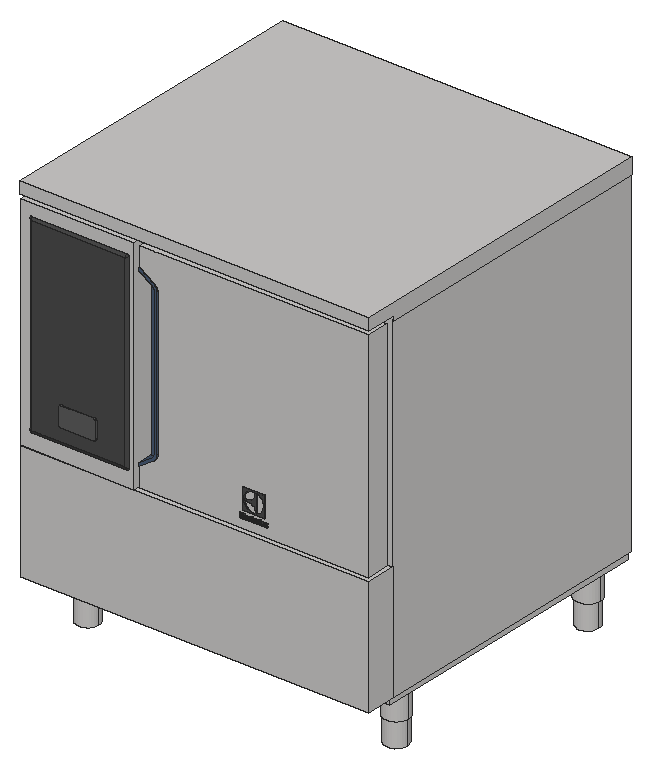
Revit family "QF_ELECTROLUXPROFESSIONAL_727731_EBFA61TQ", category Specialty Equipment, Revit 2018
Family settings
  Round Connector Dimension = Use Diameter
  Part Type = Normal
  Work Plane-Based = No
  Always vertical = Yes
  Cut with Voids When Loaded = No
  Shared = No
  Room Calculation Point = No
Parameters
  Weight = 0.00 kg
  Watts = 0 W
  Volts = 208 V
  URL Manufacturer = "http://professional.electrolux.com"
  URL = "http://professional.electrolux.com"
  Steam Supply Size = 0 mm
  Steam Supply Minimum Pressure = 0.0 Pa
  Steam Supply Maximum Pressure = 0.0 Pa
  Steam Pounds per Hour = 0
  Show Logo [instance] = yes
  Show Clearance [instance] = yes
  Refrigeration Suction Line Size = 0 mm
  Refrigeration Liquid Line Size = 0 mm
  Refrigerant Compressor Remote = yes
  Manufacturer = "Electrolux"
  Phase = 3
  Model = "EBFA61TQ"
  Length Actual = 897 mm  # constant formula
  Item Number = "727731"
  Hot Water Size = 0 mm
  Height Actual = 1060 mm  # constant formula
  HP = "4.3 HP"
  Gas Size = 0 mm
  Gas KW = 0
  Gas Input Pressure = 0 W
  Direct Waste Size = 0 mm
  Description = "BLAST C/F 30/25KG 6GN1/1-208V-TOP-US-USB"
  Depth Actual = 937 mm  # constant formula
  Cycle = 60 Hz
  Condensate Return Size = 0 mm
  Compressed Air Volume = 0.0 L/s
  Compressed Air Size = 0 mm
  Compressed Air Pressure = 0.0 Pa
  Cold Water Size = 0 mm
  Accessory = yes
Reference planes
  plane 1 "Center X": y = 126.851
  plane 2: z = 0
  plane 3 "Center Y": x = -311.5
  plane 4 "LEFT": x = -760
  plane 5 "BACK": y = 548.851
  plane 6 "RIGHT": x = 137
  plane 7 "FRONT": y = -295.149
  plane 8: z = 130
  plane 9 "TOP": z = 1060.038
  plane 10: x = -708
  plane 11: y = 473.851
  plane 12: x = 85
  plane 13: y = -142.149
  plane 14: z = 1020.038
  plane 15: y = 641.851
  plane 16: y = -847.149
Forms (mm)
  Extrusion 1, solid, material "QF_Finishes_Stainless Steel"
    sketch origin (0, 0, 1060.038) x (-1, 0, 0) y (0, -1, 0)
      loop
        line (759, -548.851) -> (759, 216.149) -> (-136, 216.149) -> (-136, -548.851) -> (759, -548.851)
    from -40 to -910.018
  Extrusion 2, solid, material "QF_Finishes_Stainless Steel"
    sketch origin (0, -295.149, 0) x (-1, 0, 0) y (0, 0, 1)
      loop
        line (451.2, 1020.033) -> (-135.995, 1020.033) -> (-135.995, 462.497) -> (451.2, 462.497) -> (451.2, 513.683) -> (415.41, 537.406)
        arc (415.41, 537.406) -> (408.839, 544.616) -> (406.46, 554.076) r 20
        line (406.46, 554.076) -> (406.46, 928.989)
        arc (406.46, 928.989) -> (408.716, 937.969) -> (414.947, 944.816) r 19
        line (414.947, 944.816) -> (451.2, 968.898) -> (451.2, 1020.033)
    from 0 to 60
  Extrusion 3, void
    sketch origin (-759, -216.149, 1060.038) x (-1, 0, 0) y (0, 0, 1)
      loop
        line (-370.8, -100) -> (-826.8, -100) -> (-826.8, -491.98) -> (-370.8, -491.98) -> (-370.8, -100)
    from 0 to 703
  Extrusion 4, solid, material "QF_Finishes_Stainless Steel"
    sketch origin (-760, -0.954, 0) x (0, 1, 0) y (0, 0, 1)
      loop
        line (549.805, 694.306) -> (549.805, 392.314) -> (635.5, 399.789)
        arc (635.5, 399.789) -> (640.702, 402.354) -> (642.805, 407.759) r 8
        line (642.805, 407.759) -> (642.805, 433.233)
        arc (642.805, 433.233) -> (638.783, 442.547) -> (642.805, 451.86) r 12.795
        line (642.805, 451.86) -> (642.805, 483.24)
        arc (642.805, 483.24) -> (638.783, 492.554) -> (642.805, 501.867) r 12.795
        line (642.805, 501.867) -> (642.805, 533.247)
        arc (642.805, 533.247) -> (638.783, 542.56) -> (642.805, 551.874) r 12.795
        line (642.805, 551.874) -> (642.805, 583.254)
        arc (642.805, 583.254) -> (638.783, 592.567) -> (642.805, 601.881) r 12.795
        line (642.805, 601.881) -> (642.805, 634.796)
        arc (642.805, 634.796) -> (641.466, 639.795) -> (637.808, 643.455) r 10
        line (637.808, 643.455) -> (549.805, 694.306)
    from 123.244 to 306.92
  Extrusion 5, solid, material "QF_Finishes_Stainless Steel"
    sketch origin (-817.599, 548.851, 1060.038) x (1, 0, 0) y (0, 0, -1)
      loop
        circle (121.599, 802.038) r 10.5
    from 0 to 29
  Extrusion 6, solid, material "QF_Finishes_Stainless Steel"
    sketch origin (0, -235.149, 0) x (-1, 0, 0) y (0, 0, 1)
      loop
        arc (406.46, 554.076) -> (408.839, 544.616) -> (415.41, 537.406) r 20
        line (415.41, 537.406) -> (451.2, 513.683) -> (451.2, 968.898) -> (414.947, 944.816)
        arc (414.947, 944.816) -> (408.716, 937.969) -> (406.46, 928.989) r 19
        line (406.46, 928.989) -> (406.46, 554.076)
    from -21 to 0
  Extrusion 7, solid, material "QF_Finishes_Electrolux_Blue"
    sketch origin (0, -295.149, 0) x (1, 0, 0) y (0, 0, 1)
      loop
        line (-451.2, 968.898) -> (-453.7, 968.898) -> (-453.7, 962.755) -> (-418.543, 939.401)
        arc (-418.543, 939.401) -> (-414.444, 934.897) -> (-412.96, 928.989) r 12.5
        line (-412.96, 928.989) -> (-412.96, 554.076)
        arc (-412.96, 554.076) -> (-414.566, 547.691) -> (-419.001, 542.824) r 13.5
        line (-419.001, 542.824) -> (-453.7, 519.824) -> (-453.7, 513.683) -> (-451.2, 513.683) -> (-415.41, 537.406)
        arc (-415.41, 537.406) -> (-408.839, 544.616) -> (-406.46, 554.076) r 20
        line (-406.46, 554.076) -> (-406.46, 928.989)
        arc (-406.46, 928.989) -> (-408.716, 937.969) -> (-414.947, 944.816) r 19
        line (-414.947, 944.816) -> (-451.2, 968.898)
    from -39 to 1
  Extrusion 8, solid, material "QF_Finishes_Stainless Steel"
    sketch origin (0, 0, 1060.038) x (-1, 0, 0) y (0, -1, 0)
      loop
        line (759, 295.149) -> (467.2, 295.149) -> (467.2, 217.149) -> (759, 217.149) -> (759, 295.149)
    from -40 to -607
  Extrusion 9, solid, material "QF_Finishes_Stainless Steel"
    sketch origin (-1206.916, -1524, 130) x (-1, 0, 0) y (0, -1, 0)
      loop
        line (-447.916, -1228.851) -> (-1342.916, -1228.851) -> (-1342.916, -1306.851) -> (-447.916, -1306.851) -> (-447.916, -1228.851)
    from 322 to 20.02
  Extrusion 10, solid, material "QF_Finishes_Stainless Steel"
    sketch origin (-311.5, 0, 0) x (0, 1, 0) y (0, 0, 1)
      loop
        line (548.851, 1060.038) -> (-295.149, 1060.038) -> (-295.149, 1030.034) -> (-216.149, 1030.034) -> (-216.149, 1020.038) -> (548.851, 1020.038) -> (548.851, 1060.038)
    from -448.5 to 448.5
  Extrusion 11, solid, material "QF_Finishes_Stainless Steel"
    sketch origin (0, 0, 1060.038) x (-1, 0, 0) y (0, -1, 0)
      loop
        line (748.993, -548.851) -> (748.993, 214.216) -> (-125.993, 214.216) -> (-125.993, -548.851) -> (748.993, -548.851)
    from -910.018 to -930.038
  Extrusion 12, solid, material "QF_Finishes_Stainless Steel"
    sketch origin (0, 0, 130) x (0, -1, 0) y (-1, 0, 0)
      loop
        circle (-215.851, 360) r 9.5
    from 0 to 31.68
  Extrusion 13, void
    sketch origin (0, 0, 1060.038) x (-1, 0, 0) y (0, -1, 0)
      loop
        line (627.033, -641.851) -> (636.756, -641.851) -> (636.756, -548.851) -> (635.125, -548.851) -> (627.033, -641.851)
      loop
        line (454.711, -548.851) -> (453.08, -548.851) -> (453.08, -641.851) -> (462.803, -641.851) -> (454.711, -548.851)
    from -673 to -363
  Extrusion 14, solid, material "QF_Door-Drawer Clearances", visible <- "Show Clearance", detail levels coarse
    sketch origin (143, -393.449, 0) x (0, -1, 0) y (0, 0, 1)
      loop
        line (451.2, 1020.033) -> (-98.3, 1020.033) -> (-98.3, 462.497) -> (451.2, 462.497) -> (451.2, 513.683) -> (415.41, 537.406)
        arc (415.41, 537.406) -> (408.839, 544.616) -> (406.46, 554.076) r 20
        line (406.46, 554.076) -> (406.46, 928.989)
        arc (406.46, 928.989) -> (408.716, 937.969) -> (414.947, 944.816) r 19
        line (414.947, 944.816) -> (451.2, 968.898) -> (451.2, 1020.033)
    from 0 to 60
  Extrusion 15, solid, material "QF_Door-Drawer Clearances", visible <- "Show Clearance", detail levels coarse
    sketch origin (83, -393.449, 0) x (0, -1, 0) y (0, 0, 1)
      loop
        arc (406.46, 554.076) -> (408.839, 544.616) -> (415.41, 537.406) r 20
        line (415.41, 537.406) -> (451.2, 513.683) -> (451.2, 968.898) -> (414.947, 944.816)
        arc (414.947, 944.816) -> (408.716, 937.969) -> (406.46, 928.989) r 19
        line (406.46, 928.989) -> (406.46, 554.076)
    from -21 to 0
  Extrusion 16, solid, material "QF_Door-Drawer Clearances", visible <- "Show Clearance", detail levels coarse
    sketch origin (143, -393.449, 0) x (0, 1, 0) y (0, 0, 1)
      loop
        line (-451.2, 968.898) -> (-453.7, 968.898) -> (-453.7, 962.755) -> (-418.543, 939.401)
        arc (-418.543, 939.401) -> (-414.444, 934.897) -> (-412.96, 928.989) r 12.5
        line (-412.96, 928.989) -> (-412.96, 554.076)
        arc (-412.96, 554.076) -> (-414.566, 547.691) -> (-419.001, 542.824) r 13.5
        line (-419.001, 542.824) -> (-453.7, 519.824) -> (-453.7, 513.683) -> (-451.2, 513.683) -> (-415.41, 537.406)
        arc (-415.41, 537.406) -> (-408.839, 544.616) -> (-406.46, 554.076) r 20
        line (-406.46, 554.076) -> (-406.46, 928.989)
        arc (-406.46, 928.989) -> (-408.716, 937.969) -> (-414.947, 944.816) r 19
        line (-414.947, 944.816) -> (-451.2, 968.898)
    from -39 to 1
  Extrusion 17, solid, material "QF_Door-Drawer Clearances", visible <- "Show Clearance", detail levels coarse
    sketch origin (0, 0, 1060.038) x (-1, 0, 0) y (0, -1, 0)
      loop
        line (-83, 295.149) -> (451.2, 295.149)
        arc (451.2, 295.149) -> (290.883, 673.709) -> (-83, 844.649) r 567.425
        line (-83, 844.649) -> (-83, 295.149)
    from -597.541 to -40
Cuts and joins
  Extrusion 3 cuts Extrusion 1
  Extrusion 13 cuts Extrusion 4
  joined: Extrusion 1, Extrusion 4, Extrusion 5, Extrusion 10, Extrusion 11, Extrusion 12
  joined: Extrusion 2, Extrusion 6
  joined: Extrusion 14, Extrusion 15, Extrusion 16, Extrusion 17
Lines and regions (mm)
  Split face 1
    outline origin (-489, -295.149, 130) x (-1, 0, 0) y (0, 0, -1)
      loop
        line (-132.388, -290.639) -> (-22.373, -290.639) -> (-22.373, -285.612) -> (-132.388, -285.612) -> (-132.388, -290.639)
  Split face 2
    outline origin (-489, -295.149, 120.528) x (-1, 0, 0) y (0, 0, -1)
      loop
        line (-132.388, -290.639) -> (-22.373, -290.639) -> (-22.373, -285.612) -> (-132.388, -285.612) -> (-132.388, -290.639)
  Split face 3
    outline origin (-489, -295.149, 111.056) x (-1, 0, 0) y (0, 0, -1)
      loop
        line (-132.388, -290.639) -> (-22.373, -290.639) -> (-22.373, -285.612) -> (-132.388, -285.612) -> (-132.388, -290.639)
  Split face 4
    outline origin (-489, -295.149, 101.583) x (-1, 0, 0) y (0, 0, -1)
      loop
        line (-132.388, -290.639) -> (-22.373, -290.639) -> (-22.373, -285.612) -> (-132.388, -285.612) -> (-132.388, -290.639)
  Split face 5
    outline origin (-489, -295.149, 92.111) x (-1, 0, 0) y (0, 0, -1)
      loop
        line (-132.388, -290.639) -> (-22.373, -290.639) -> (-22.373, -285.612) -> (-132.388, -285.612) -> (-132.388, -290.639)
  Split face 6
    outline origin (-489, -295.149, 82.639) x (-1, 0, 0) y (0, 0, -1)
      loop
        line (-132.388, -290.639) -> (-22.373, -290.639) -> (-22.373, -285.612) -> (-132.388, -285.612) -> (-132.388, -290.639)
  Split face 7
    outline origin (-489, -295.149, 73.167) x (-1, 0, 0) y (0, 0, -1)
      loop
        line (-132.388, -290.639) -> (-22.373, -290.639) -> (-22.373, -285.612) -> (-132.388, -285.612) -> (-132.388, -290.639)
  Split face 8
    outline origin (-489, -295.149, 63.695) x (-1, 0, 0) y (0, 0, -1)
      loop
        line (-132.388, -290.639) -> (-22.373, -290.639) -> (-22.373, -285.612) -> (-132.388, -285.612) -> (-132.388, -290.639)
  Split face 9
    outline origin (-489, -295.149, 54.223) x (-1, 0, 0) y (0, 0, -1)
      loop
        line (-132.388, -290.639) -> (-22.373, -290.639) -> (-22.373, -285.612) -> (-132.388, -285.612) -> (-132.388, -290.639)
  Split face 10
    outline origin (-489, -295.149, 44.75) x (-1, 0, 0) y (0, 0, -1)
      loop
        line (-132.388, -290.639) -> (-22.373, -290.639) -> (-22.373, -285.612) -> (-132.388, -285.612) -> (-132.388, -290.639)
  Split face 11
    outline origin (-489, -295.149, 35.278) x (-1, 0, 0) y (0, 0, -1)
      loop
        line (-132.388, -290.639) -> (-22.373, -290.639) -> (-22.373, -285.612) -> (-132.388, -285.612) -> (-132.388, -290.639)
  Split face 12
    outline origin (-489, -295.149, 25.806) x (-1, 0, 0) y (0, 0, -1)
      loop
        line (-132.388, -290.639) -> (-22.373, -290.639) -> (-22.373, -285.612) -> (-132.388, -285.612) -> (-132.388, -290.639)
  Split face 13
    outline origin (-489, -295.149, 16.334) x (-1, 0, 0) y (0, 0, -1)
      loop
        line (-132.388, -290.639) -> (-22.373, -290.639) -> (-22.373, -285.612) -> (-132.388, -285.612) -> (-132.388, -290.639)
  Split face 14
    outline origin (-489, -295.149, 6.862) x (-1, 0, 0) y (0, 0, -1)
      loop
        line (-132.388, -290.639) -> (-22.373, -290.639) -> (-22.373, -285.612) -> (-132.388, -285.612) -> (-132.388, -290.639)
  Split face 15
    outline origin (-489, -295.149, -2.611) x (-1, 0, 0) y (0, 0, -1)
      loop
        line (-132.388, -290.639) -> (-22.373, -290.639) -> (-22.373, -285.612) -> (-132.388, -285.612) -> (-132.388, -290.639)
  Split face 16
    outline origin (-489, -295.149, -12.083) x (-1, 0, 0) y (0, 0, -1)
      loop
        line (-132.388, -290.639) -> (-22.373, -290.639) -> (-22.373, -285.612) -> (-132.388, -285.612) -> (-132.388, -290.639)
  Split face 17
    outline origin (-489, -295.149, -21.555) x (-1, 0, 0) y (0, 0, -1)
      loop
        line (-132.388, -290.639) -> (-22.373, -290.639) -> (-22.373, -285.612) -> (-132.388, -285.612) -> (-132.388, -290.639)
  Split face 18
    outline origin (-489, -295.149, -31.027) x (-1, 0, 0) y (0, 0, -1)
      loop
        line (-132.388, -290.639) -> (-22.373, -290.639) -> (-22.373, -285.612) -> (-132.388, -285.612) -> (-132.388, -290.639)
  Split face 19
    outline origin (-489, -295.149, -40.499) x (-1, 0, 0) y (0, 0, -1)
      loop
        line (-132.388, -290.639) -> (-22.373, -290.639) -> (-22.373, -285.612) -> (-132.388, -285.612) -> (-132.388, -290.639)
  Split face 20
    outline origin (-489, -295.149, -49.972) x (-1, 0, 0) y (0, 0, -1)
      loop
        line (-132.388, -290.639) -> (-22.373, -290.639) -> (-22.373, -285.612) -> (-132.388, -285.612) -> (-132.388, -290.639)
  Split face 21
    outline origin (-489, -295.149, -59.444) x (-1, 0, 0) y (0, 0, -1)
      loop
        line (-132.388, -290.639) -> (-22.373, -290.639) -> (-22.373, -285.612) -> (-132.388, -285.612) -> (-132.388, -290.639)
  Split face 22
    outline origin (-489, -295.149, -68.916) x (-1, 0, 0) y (0, 0, -1)
      loop
        line (-132.388, -290.639) -> (-22.373, -290.639) -> (-22.373, -285.612) -> (-132.388, -285.612) -> (-132.388, -290.639)
  Split face 23
    outline origin (-489, -295.149, -78.388) x (-1, 0, 0) y (0, 0, -1)
      loop
        line (-132.388, -290.639) -> (-22.373, -290.639) -> (-22.373, -285.612) -> (-132.388, -285.612) -> (-132.388, -290.639)
  Split face 24
    outline origin (-489, -295.149, -87.86) x (-1, 0, 0) y (0, 0, -1)
      loop
        line (-132.388, -290.639) -> (-22.373, -290.639) -> (-22.373, -285.612) -> (-132.388, -285.612) -> (-132.388, -290.639)
  Split face 25
    outline origin (-489, -295.149, -97.332) x (-1, 0, 0) y (0, 0, -1)
      loop
        line (-132.388, -290.639) -> (-22.373, -290.639) -> (-22.373, -285.612) -> (-132.388, -285.612) -> (-132.388, -290.639)
  Split face 26
    outline origin (-489, -295.149, -106.805) x (-1, 0, 0) y (0, 0, -1)
      loop
        line (-132.388, -290.639) -> (-22.373, -290.639) -> (-22.373, -285.612) -> (-132.388, -285.612) -> (-132.388, -290.639)
  Split face 27
    outline origin (-373.984, -295.149, 130) x (-1, 0, 0) y (0, 0, -1)
      loop
        line (-132.388, -290.639) -> (-22.373, -290.639) -> (-22.373, -285.612) -> (-132.388, -285.612) -> (-132.388, -290.639)
  Split face 28
    outline origin (-373.984, -295.149, 120.528) x (-1, 0, 0) y (0, 0, -1)
      loop
        line (-132.388, -290.639) -> (-22.373, -290.639) -> (-22.373, -285.612) -> (-132.388, -285.612) -> (-132.388, -290.639)
  Split face 29
    outline origin (-373.984, -295.149, 111.056) x (-1, 0, 0) y (0, 0, -1)
      loop
        line (-132.388, -290.639) -> (-22.373, -290.639) -> (-22.373, -285.612) -> (-132.388, -285.612) -> (-132.388, -290.639)
  Split face 30
    outline origin (-373.984, -295.149, 101.583) x (-1, 0, 0) y (0, 0, -1)
      loop
        line (-132.388, -290.639) -> (-22.373, -290.639) -> (-22.373, -285.612) -> (-132.388, -285.612) -> (-132.388, -290.639)
  Split face 31
    outline origin (-373.984, -295.149, 92.111) x (-1, 0, 0) y (0, 0, -1)
      loop
        line (-132.388, -290.639) -> (-22.373, -290.639) -> (-22.373, -285.612) -> (-132.388, -285.612) -> (-132.388, -290.639)
  Split face 32
    outline origin (-373.984, -295.149, 82.639) x (-1, 0, 0) y (0, 0, -1)
      loop
        line (-132.388, -290.639) -> (-22.373, -290.639) -> (-22.373, -285.612) -> (-132.388, -285.612) -> (-132.388, -290.639)
  Split face 33
    outline origin (-373.984, -295.149, 73.167) x (-1, 0, 0) y (0, 0, -1)
      loop
        line (-132.388, -290.639) -> (-22.373, -290.639) -> (-22.373, -285.612) -> (-132.388, -285.612) -> (-132.388, -290.639)
  Split face 34
    outline origin (-373.984, -295.149, 63.695) x (-1, 0, 0) y (0, 0, -1)
      loop
        line (-132.388, -290.639) -> (-22.373, -290.639) -> (-22.373, -285.612) -> (-132.388, -285.612) -> (-132.388, -290.639)
  Split face 35
    outline origin (-373.984, -295.149, 54.223) x (-1, 0, 0) y (0, 0, -1)
      loop
        line (-132.388, -290.639) -> (-22.373, -290.639) -> (-22.373, -285.612) -> (-132.388, -285.612) -> (-132.388, -290.639)
  Split face 36
    outline origin (-373.984, -295.149, 44.75) x (-1, 0, 0) y (0, 0, -1)
      loop
        line (-132.388, -290.639) -> (-22.373, -290.639) -> (-22.373, -285.612) -> (-132.388, -285.612) -> (-132.388, -290.639)
  Split face 37
    outline origin (-373.984, -295.149, 35.278) x (-1, 0, 0) y (0, 0, -1)
      loop
        line (-132.388, -290.639) -> (-22.373, -290.639) -> (-22.373, -285.612) -> (-132.388, -285.612) -> (-132.388, -290.639)
  Split face 38
    outline origin (-373.984, -295.149, 25.806) x (-1, 0, 0) y (0, 0, -1)
      loop
        line (-132.388, -290.639) -> (-22.373, -290.639) -> (-22.373, -285.612) -> (-132.388, -285.612) -> (-132.388, -290.639)
  Split face 39
    outline origin (-373.984, -295.149, 16.334) x (-1, 0, 0) y (0, 0, -1)
      loop
        line (-132.388, -290.639) -> (-22.373, -290.639) -> (-22.373, -285.612) -> (-132.388, -285.612) -> (-132.388, -290.639)
  Split face 40
    outline origin (-373.984, -295.149, 6.862) x (-1, 0, 0) y (0, 0, -1)
      loop
        line (-132.388, -290.639) -> (-22.373, -290.639) -> (-22.373, -285.612) -> (-132.388, -285.612) -> (-132.388, -290.639)
  Split face 41
    outline origin (-373.984, -295.149, -2.611) x (-1, 0, 0) y (0, 0, -1)
      loop
        line (-132.388, -290.639) -> (-22.373, -290.639) -> (-22.373, -285.612) -> (-132.388, -285.612) -> (-132.388, -290.639)
  Split face 42
    outline origin (-373.984, -295.149, -12.083) x (-1, 0, 0) y (0, 0, -1)
      loop
        line (-132.388, -290.639) -> (-22.373, -290.639) -> (-22.373, -285.612) -> (-132.388, -285.612) -> (-132.388, -290.639)
  Split face 43
    outline origin (-373.984, -295.149, -21.555) x (-1, 0, 0) y (0, 0, -1)
      loop
        line (-132.388, -290.639) -> (-22.373, -290.639) -> (-22.373, -285.612) -> (-132.388, -285.612) -> (-132.388, -290.639)
  Split face 44
    outline origin (-373.984, -295.149, -31.027) x (-1, 0, 0) y (0, 0, -1)
      loop
        line (-132.388, -290.639) -> (-22.373, -290.639) -> (-22.373, -285.612) -> (-132.388, -285.612) -> (-132.388, -290.639)
  Split face 45
    outline origin (-373.984, -295.149, -40.499) x (-1, 0, 0) y (0, 0, -1)
      loop
        line (-132.388, -290.639) -> (-22.373, -290.639) -> (-22.373, -285.612) -> (-132.388, -285.612) -> (-132.388, -290.639)
  Split face 46
    outline origin (-373.984, -295.149, -49.972) x (-1, 0, 0) y (0, 0, -1)
      loop
        line (-132.388, -290.639) -> (-22.373, -290.639) -> (-22.373, -285.612) -> (-132.388, -285.612) -> (-132.388, -290.639)
  Split face 47
    outline origin (-373.984, -295.149, -59.444) x (-1, 0, 0) y (0, 0, -1)
      loop
        line (-132.388, -290.639) -> (-22.373, -290.639) -> (-22.373, -285.612) -> (-132.388, -285.612) -> (-132.388, -290.639)
  Split face 48
    outline origin (-373.984, -295.149, -68.916) x (-1, 0, 0) y (0, 0, -1)
      loop
        line (-132.388, -290.639) -> (-22.373, -290.639) -> (-22.373, -285.612) -> (-132.388, -285.612) -> (-132.388, -290.639)
  Split face 49
    outline origin (-373.984, -295.149, -78.388) x (-1, 0, 0) y (0, 0, -1)
      loop
        line (-132.388, -290.639) -> (-22.373, -290.639) -> (-22.373, -285.612) -> (-132.388, -285.612) -> (-132.388, -290.639)
  Split face 50
    outline origin (-373.984, -295.149, -87.86) x (-1, 0, 0) y (0, 0, -1)
      loop
        line (-132.388, -290.639) -> (-22.373, -290.639) -> (-22.373, -285.612) -> (-132.388, -285.612) -> (-132.388, -290.639)
  Split face 51
    outline origin (-373.984, -295.149, -97.332) x (-1, 0, 0) y (0, 0, -1)
      loop
        line (-132.388, -290.639) -> (-22.373, -290.639) -> (-22.373, -285.612) -> (-132.388, -285.612) -> (-132.388, -290.639)
  Split face 52
    outline origin (-373.984, -295.149, -106.805) x (-1, 0, 0) y (0, 0, -1)
      loop
        line (-132.388, -290.639) -> (-22.373, -290.639) -> (-22.373, -285.612) -> (-132.388, -285.612) -> (-132.388, -290.639)
  Split face 53
    outline origin (-258.969, -295.149, 130) x (-1, 0, 0) y (0, 0, -1)
      loop
        line (-132.388, -290.639) -> (-22.373, -290.639) -> (-22.373, -285.612) -> (-132.388, -285.612) -> (-132.388, -290.639)
  Split face 54
    outline origin (-258.969, -295.149, 120.528) x (-1, 0, 0) y (0, 0, -1)
      loop
        line (-132.388, -290.639) -> (-22.373, -290.639) -> (-22.373, -285.612) -> (-132.388, -285.612) -> (-132.388, -290.639)
  Split face 55
    outline origin (-258.969, -295.149, 111.056) x (-1, 0, 0) y (0, 0, -1)
      loop
        line (-132.388, -290.639) -> (-22.373, -290.639) -> (-22.373, -285.612) -> (-132.388, -285.612) -> (-132.388, -290.639)
  Split face 56
    outline origin (-258.969, -295.149, 101.583) x (-1, 0, 0) y (0, 0, -1)
      loop
        line (-132.388, -290.639) -> (-22.373, -290.639) -> (-22.373, -285.612) -> (-132.388, -285.612) -> (-132.388, -290.639)
  Split face 57
    outline origin (-258.969, -295.149, 92.111) x (-1, 0, 0) y (0, 0, -1)
      loop
        line (-132.388, -290.639) -> (-22.373, -290.639) -> (-22.373, -285.612) -> (-132.388, -285.612) -> (-132.388, -290.639)
  Split face 58
    outline origin (-258.969, -295.149, 82.639) x (-1, 0, 0) y (0, 0, -1)
      loop
        line (-132.388, -290.639) -> (-22.373, -290.639) -> (-22.373, -285.612) -> (-132.388, -285.612) -> (-132.388, -290.639)
  Split face 59
    outline origin (-258.969, -295.149, 73.167) x (-1, 0, 0) y (0, 0, -1)
      loop
        line (-132.388, -290.639) -> (-22.373, -290.639) -> (-22.373, -285.612) -> (-132.388, -285.612) -> (-132.388, -290.639)
  Split face 60
    outline origin (-258.969, -295.149, 63.695) x (-1, 0, 0) y (0, 0, -1)
      loop
        line (-132.388, -290.639) -> (-22.373, -290.639) -> (-22.373, -285.612) -> (-132.388, -285.612) -> (-132.388, -290.639)
  Split face 61
    outline origin (-258.969, -295.149, 54.223) x (-1, 0, 0) y (0, 0, -1)
      loop
        line (-132.388, -290.639) -> (-22.373, -290.639) -> (-22.373, -285.612) -> (-132.388, -285.612) -> (-132.388, -290.639)
  Split face 62
    outline origin (-258.969, -295.149, 44.75) x (-1, 0, 0) y (0, 0, -1)
      loop
        line (-132.388, -290.639) -> (-22.373, -290.639) -> (-22.373, -285.612) -> (-132.388, -285.612) -> (-132.388, -290.639)
  Split face 63
    outline origin (-258.969, -295.149, 35.278) x (-1, 0, 0) y (0, 0, -1)
      loop
        line (-132.388, -290.639) -> (-22.373, -290.639) -> (-22.373, -285.612) -> (-132.388, -285.612) -> (-132.388, -290.639)
  Split face 64
    outline origin (-258.969, -295.149, 25.806) x (-1, 0, 0) y (0, 0, -1)
      loop
        line (-132.388, -290.639) -> (-22.373, -290.639) -> (-22.373, -285.612) -> (-132.388, -285.612) -> (-132.388, -290.639)
  Split face 65
    outline origin (-258.969, -295.149, 16.334) x (-1, 0, 0) y (0, 0, -1)
      loop
        line (-132.388, -290.639) -> (-22.373, -290.639) -> (-22.373, -285.612) -> (-132.388, -285.612) -> (-132.388, -290.639)
  Split face 66
    outline origin (-258.969, -295.149, 6.862) x (-1, 0, 0) y (0, 0, -1)
      loop
        line (-132.388, -290.639) -> (-22.373, -290.639) -> (-22.373, -285.612) -> (-132.388, -285.612) -> (-132.388, -290.639)
  Split face 67
    outline origin (-258.969, -295.149, -2.611) x (-1, 0, 0) y (0, 0, -1)
      loop
        line (-132.388, -290.639) -> (-22.373, -290.639) -> (-22.373, -285.612) -> (-132.388, -285.612) -> (-132.388, -290.639)
  Split face 68
    outline origin (-258.969, -295.149, -12.083) x (-1, 0, 0) y (0, 0, -1)
      loop
        line (-132.388, -290.639) -> (-22.373, -290.639) -> (-22.373, -285.612) -> (-132.388, -285.612) -> (-132.388, -290.639)
  Split face 69
    outline origin (-258.969, -295.149, -21.555) x (-1, 0, 0) y (0, 0, -1)
      loop
        line (-132.388, -290.639) -> (-22.373, -290.639) -> (-22.373, -285.612) -> (-132.388, -285.612) -> (-132.388, -290.639)
  Split face 70
    outline origin (-258.969, -295.149, -31.027) x (-1, 0, 0) y (0, 0, -1)
      loop
        line (-132.388, -290.639) -> (-22.373, -290.639) -> (-22.373, -285.612) -> (-132.388, -285.612) -> (-132.388, -290.639)
  Split face 71
    outline origin (-258.969, -295.149, -40.499) x (-1, 0, 0) y (0, 0, -1)
      loop
        line (-132.388, -290.639) -> (-22.373, -290.639) -> (-22.373, -285.612) -> (-132.388, -285.612) -> (-132.388, -290.639)
  Split face 72
    outline origin (-258.969, -295.149, -49.972) x (-1, 0, 0) y (0, 0, -1)
      loop
        line (-132.388, -290.639) -> (-22.373, -290.639) -> (-22.373, -285.612) -> (-132.388, -285.612) -> (-132.388, -290.639)
  Split face 73
    outline origin (-258.969, -295.149, -59.444) x (-1, 0, 0) y (0, 0, -1)
      loop
        line (-132.388, -290.639) -> (-22.373, -290.639) -> (-22.373, -285.612) -> (-132.388, -285.612) -> (-132.388, -290.639)
  Split face 74
    outline origin (-258.969, -295.149, -68.916) x (-1, 0, 0) y (0, 0, -1)
      loop
        line (-132.388, -290.639) -> (-22.373, -290.639) -> (-22.373, -285.612) -> (-132.388, -285.612) -> (-132.388, -290.639)
  Split face 75
    outline origin (-258.969, -295.149, -78.388) x (-1, 0, 0) y (0, 0, -1)
      loop
        line (-132.388, -290.639) -> (-22.373, -290.639) -> (-22.373, -285.612) -> (-132.388, -285.612) -> (-132.388, -290.639)
  Split face 76
    outline origin (-258.969, -295.149, -87.86) x (-1, 0, 0) y (0, 0, -1)
      loop
        line (-132.388, -290.639) -> (-22.373, -290.639) -> (-22.373, -285.612) -> (-132.388, -285.612) -> (-132.388, -290.639)
  Split face 77
    outline origin (-258.969, -295.149, -97.332) x (-1, 0, 0) y (0, 0, -1)
      loop
        line (-132.388, -290.639) -> (-22.373, -290.639) -> (-22.373, -285.612) -> (-132.388, -285.612) -> (-132.388, -290.639)
  Split face 78
    outline origin (-258.969, -295.149, -106.805) x (-1, 0, 0) y (0, 0, -1)
      loop
        line (-132.388, -290.639) -> (-22.373, -290.639) -> (-22.373, -285.612) -> (-132.388, -285.612) -> (-132.388, -290.639)
  Split face 79
    outline origin (-143.953, -295.149, 130) x (-1, 0, 0) y (0, 0, -1)
      loop
        line (-132.388, -290.639) -> (-22.373, -290.639) -> (-22.373, -285.612) -> (-132.388, -285.612) -> (-132.388, -290.639)
  Split face 80
    outline origin (-143.953, -295.149, 120.528) x (-1, 0, 0) y (0, 0, -1)
      loop
        line (-132.388, -290.639) -> (-22.373, -290.639) -> (-22.373, -285.612) -> (-132.388, -285.612) -> (-132.388, -290.639)
  Split face 81
    outline origin (-143.953, -295.149, 111.056) x (-1, 0, 0) y (0, 0, -1)
      loop
        line (-132.388, -290.639) -> (-22.373, -290.639) -> (-22.373, -285.612) -> (-132.388, -285.612) -> (-132.388, -290.639)
  Split face 82
    outline origin (-143.953, -295.149, 101.583) x (-1, 0, 0) y (0, 0, -1)
      loop
        line (-132.388, -290.639) -> (-22.373, -290.639) -> (-22.373, -285.612) -> (-132.388, -285.612) -> (-132.388, -290.639)
  Split face 83
    outline origin (-143.953, -295.149, 92.111) x (-1, 0, 0) y (0, 0, -1)
      loop
        line (-132.388, -290.639) -> (-22.373, -290.639) -> (-22.373, -285.612) -> (-132.388, -285.612) -> (-132.388, -290.639)
  Split face 84
    outline origin (-143.953, -295.149, 82.639) x (-1, 0, 0) y (0, 0, -1)
      loop
        line (-132.388, -290.639) -> (-22.373, -290.639) -> (-22.373, -285.612) -> (-132.388, -285.612) -> (-132.388, -290.639)
  Split face 85
    outline origin (-143.953, -295.149, 73.167) x (-1, 0, 0) y (0, 0, -1)
      loop
        line (-132.388, -290.639) -> (-22.373, -290.639) -> (-22.373, -285.612) -> (-132.388, -285.612) -> (-132.388, -290.639)
  Split face 86
    outline origin (-143.953, -295.149, 63.695) x (-1, 0, 0) y (0, 0, -1)
      loop
        line (-132.388, -290.639) -> (-22.373, -290.639) -> (-22.373, -285.612) -> (-132.388, -285.612) -> (-132.388, -290.639)
  Split face 87
    outline origin (-143.953, -295.149, 54.223) x (-1, 0, 0) y (0, 0, -1)
      loop
        line (-132.388, -290.639) -> (-22.373, -290.639) -> (-22.373, -285.612) -> (-132.388, -285.612) -> (-132.388, -290.639)
  Split face 88
    outline origin (-143.953, -295.149, 44.75) x (-1, 0, 0) y (0, 0, -1)
      loop
        line (-132.388, -290.639) -> (-22.373, -290.639) -> (-22.373, -285.612) -> (-132.388, -285.612) -> (-132.388, -290.639)
  Split face 89
    outline origin (-143.953, -295.149, 35.278) x (-1, 0, 0) y (0, 0, -1)
      loop
        line (-132.388, -290.639) -> (-22.373, -290.639) -> (-22.373, -285.612) -> (-132.388, -285.612) -> (-132.388, -290.639)
  Split face 90
    outline origin (-143.953, -295.149, 25.806) x (-1, 0, 0) y (0, 0, -1)
      loop
        line (-132.388, -290.639) -> (-22.373, -290.639) -> (-22.373, -285.612) -> (-132.388, -285.612) -> (-132.388, -290.639)
  Split face 91
    outline origin (-143.953, -295.149, 16.334) x (-1, 0, 0) y (0, 0, -1)
      loop
        line (-132.388, -290.639) -> (-22.373, -290.639) -> (-22.373, -285.612) -> (-132.388, -285.612) -> (-132.388, -290.639)
  Split face 92
    outline origin (-143.953, -295.149, 6.862) x (-1, 0, 0) y (0, 0, -1)
      loop
        line (-132.388, -290.639) -> (-22.373, -290.639) -> (-22.373, -285.612) -> (-132.388, -285.612) -> (-132.388, -290.639)
  Split face 93
    outline origin (-143.953, -295.149, -2.611) x (-1, 0, 0) y (0, 0, -1)
      loop
        line (-132.388, -290.639) -> (-22.373, -290.639) -> (-22.373, -285.612) -> (-132.388, -285.612) -> (-132.388, -290.639)
  Split face 94
    outline origin (-143.953, -295.149, -12.083) x (-1, 0, 0) y (0, 0, -1)
      loop
        line (-132.388, -290.639) -> (-22.373, -290.639) -> (-22.373, -285.612) -> (-132.388, -285.612) -> (-132.388, -290.639)
  Split face 95
    outline origin (-143.953, -295.149, -21.555) x (-1, 0, 0) y (0, 0, -1)
      loop
        line (-132.388, -290.639) -> (-22.373, -290.639) -> (-22.373, -285.612) -> (-132.388, -285.612) -> (-132.388, -290.639)
  Split face 96
    outline origin (-143.953, -295.149, -31.027) x (-1, 0, 0) y (0, 0, -1)
      loop
        line (-132.388, -290.639) -> (-22.373, -290.639) -> (-22.373, -285.612) -> (-132.388, -285.612) -> (-132.388, -290.639)
  Split face 97
    outline origin (-143.953, -295.149, -40.499) x (-1, 0, 0) y (0, 0, -1)
      loop
        line (-132.388, -290.639) -> (-22.373, -290.639) -> (-22.373, -285.612) -> (-132.388, -285.612) -> (-132.388, -290.639)
  Split face 98
    outline origin (-143.953, -295.149, -49.972) x (-1, 0, 0) y (0, 0, -1)
      loop
        line (-132.388, -290.639) -> (-22.373, -290.639) -> (-22.373, -285.612) -> (-132.388, -285.612) -> (-132.388, -290.639)
  Split face 99
    outline origin (-143.953, -295.149, -59.444) x (-1, 0, 0) y (0, 0, -1)
      loop
        line (-132.388, -290.639) -> (-22.373, -290.639) -> (-22.373, -285.612) -> (-132.388, -285.612) -> (-132.388, -290.639)
  Split face 100
    outline origin (-143.953, -295.149, -68.916) x (-1, 0, 0) y (0, 0, -1)
      loop
        line (-132.388, -290.639) -> (-22.373, -290.639) -> (-22.373, -285.612) -> (-132.388, -285.612) -> (-132.388, -290.639)
  Split face 101
    outline origin (-143.953, -295.149, -78.388) x (-1, 0, 0) y (0, 0, -1)
      loop
        line (-132.388, -290.639) -> (-22.373, -290.639) -> (-22.373, -285.612) -> (-132.388, -285.612) -> (-132.388, -290.639)
  Split face 102
    outline origin (-143.953, -295.149, -87.86) x (-1, 0, 0) y (0, 0, -1)
      loop
        line (-132.388, -290.639) -> (-22.373, -290.639) -> (-22.373, -285.612) -> (-132.388, -285.612) -> (-132.388, -290.639)
  Split face 103
    outline origin (-143.953, -295.149, -97.332) x (-1, 0, 0) y (0, 0, -1)
      loop
        line (-132.388, -290.639) -> (-22.373, -290.639) -> (-22.373, -285.612) -> (-132.388, -285.612) -> (-132.388, -290.639)
  Split face 104
    outline origin (-143.953, -295.149, -106.805) x (-1, 0, 0) y (0, 0, -1)
      loop
        line (-132.388, -290.639) -> (-22.373, -290.639) -> (-22.373, -285.612) -> (-132.388, -285.612) -> (-132.388, -290.639)
  Split face 105
    outline origin (-28.938, -295.149, 130) x (-1, 0, 0) y (0, 0, -1)
      loop
        line (-132.388, -290.639) -> (-22.373, -290.639) -> (-22.373, -285.612) -> (-132.388, -285.612) -> (-132.388, -290.639)
  Split face 106
    outline origin (-28.938, -295.149, 120.528) x (-1, 0, 0) y (0, 0, -1)
      loop
        line (-132.388, -290.639) -> (-22.373, -290.639) -> (-22.373, -285.612) -> (-132.388, -285.612) -> (-132.388, -290.639)
  Split face 107
    outline origin (-28.938, -295.149, 111.056) x (-1, 0, 0) y (0, 0, -1)
      loop
        line (-132.388, -290.639) -> (-22.373, -290.639) -> (-22.373, -285.612) -> (-132.388, -285.612) -> (-132.388, -290.639)
  Split face 108
    outline origin (-28.938, -295.149, 101.583) x (-1, 0, 0) y (0, 0, -1)
      loop
        line (-132.388, -290.639) -> (-22.373, -290.639) -> (-22.373, -285.612) -> (-132.388, -285.612) -> (-132.388, -290.639)
  Split face 109
    outline origin (-28.938, -295.149, 92.111) x (-1, 0, 0) y (0, 0, -1)
      loop
        line (-132.388, -290.639) -> (-22.373, -290.639) -> (-22.373, -285.612) -> (-132.388, -285.612) -> (-132.388, -290.639)
  Split face 110
    outline origin (-28.938, -295.149, 82.639) x (-1, 0, 0) y (0, 0, -1)
      loop
        line (-132.388, -290.639) -> (-22.373, -290.639) -> (-22.373, -285.612) -> (-132.388, -285.612) -> (-132.388, -290.639)
  Split face 111
    outline origin (-28.938, -295.149, 73.167) x (-1, 0, 0) y (0, 0, -1)
      loop
        line (-132.388, -290.639) -> (-22.373, -290.639) -> (-22.373, -285.612) -> (-132.388, -285.612) -> (-132.388, -290.639)
  Split face 112
    outline origin (-28.938, -295.149, 63.695) x (-1, 0, 0) y (0, 0, -1)
      loop
        line (-132.388, -290.639) -> (-22.373, -290.639) -> (-22.373, -285.612) -> (-132.388, -285.612) -> (-132.388, -290.639)
  Split face 113
    outline origin (-28.938, -295.149, 54.223) x (-1, 0, 0) y (0, 0, -1)
      loop
        line (-132.388, -290.639) -> (-22.373, -290.639) -> (-22.373, -285.612) -> (-132.388, -285.612) -> (-132.388, -290.639)
  Split face 114
    outline origin (-28.938, -295.149, 44.75) x (-1, 0, 0) y (0, 0, -1)
      loop
        line (-132.388, -290.639) -> (-22.373, -290.639) -> (-22.373, -285.612) -> (-132.388, -285.612) -> (-132.388, -290.639)
  Split face 115
    outline origin (-28.938, -295.149, 35.278) x (-1, 0, 0) y (0, 0, -1)
      loop
        line (-132.388, -290.639) -> (-22.373, -290.639) -> (-22.373, -285.612) -> (-132.388, -285.612) -> (-132.388, -290.639)
  Split face 116
    outline origin (-28.938, -295.149, 25.806) x (-1, 0, 0) y (0, 0, -1)
      loop
        line (-132.388, -290.639) -> (-22.373, -290.639) -> (-22.373, -285.612) -> (-132.388, -285.612) -> (-132.388, -290.639)
  Split face 117
    outline origin (-28.938, -295.149, 16.334) x (-1, 0, 0) y (0, 0, -1)
      loop
        line (-132.388, -290.639) -> (-22.373, -290.639) -> (-22.373, -285.612) -> (-132.388, -285.612) -> (-132.388, -290.639)
  Split face 118
    outline origin (-28.938, -295.149, 6.862) x (-1, 0, 0) y (0, 0, -1)
      loop
        line (-132.388, -290.639) -> (-22.373, -290.639) -> (-22.373, -285.612) -> (-132.388, -285.612) -> (-132.388, -290.639)
  Split face 119
    outline origin (-28.938, -295.149, -2.611) x (-1, 0, 0) y (0, 0, -1)
      loop
        line (-132.388, -290.639) -> (-22.373, -290.639) -> (-22.373, -285.612) -> (-132.388, -285.612) -> (-132.388, -290.639)
  Split face 120
    outline origin (-28.938, -295.149, -12.083) x (-1, 0, 0) y (0, 0, -1)
      loop
        line (-132.388, -290.639) -> (-22.373, -290.639) -> (-22.373, -285.612) -> (-132.388, -285.612) -> (-132.388, -290.639)
  Split face 121
    outline origin (-28.938, -295.149, -21.555) x (-1, 0, 0) y (0, 0, -1)
      loop
        line (-132.388, -290.639) -> (-22.373, -290.639) -> (-22.373, -285.612) -> (-132.388, -285.612) -> (-132.388, -290.639)
  Split face 122
    outline origin (-28.938, -295.149, -31.027) x (-1, 0, 0) y (0, 0, -1)
      loop
        line (-132.388, -290.639) -> (-22.373, -290.639) -> (-22.373, -285.612) -> (-132.388, -285.612) -> (-132.388, -290.639)
  Split face 123
    outline origin (-28.938, -295.149, -40.499) x (-1, 0, 0) y (0, 0, -1)
      loop
        line (-132.388, -290.639) -> (-22.373, -290.639) -> (-22.373, -285.612) -> (-132.388, -285.612) -> (-132.388, -290.639)
  Split face 124
    outline origin (-28.938, -295.149, -49.972) x (-1, 0, 0) y (0, 0, -1)
      loop
        line (-132.388, -290.639) -> (-22.373, -290.639) -> (-22.373, -285.612) -> (-132.388, -285.612) -> (-132.388, -290.639)
  Split face 125
    outline origin (-28.938, -295.149, -59.444) x (-1, 0, 0) y (0, 0, -1)
      loop
        line (-132.388, -290.639) -> (-22.373, -290.639) -> (-22.373, -285.612) -> (-132.388, -285.612) -> (-132.388, -290.639)
  Split face 126
    outline origin (-28.938, -295.149, -68.916) x (-1, 0, 0) y (0, 0, -1)
      loop
        line (-132.388, -290.639) -> (-22.373, -290.639) -> (-22.373, -285.612) -> (-132.388, -285.612) -> (-132.388, -290.639)
  Split face 127
    outline origin (-28.938, -295.149, -78.388) x (-1, 0, 0) y (0, 0, -1)
      loop
        line (-132.388, -290.639) -> (-22.373, -290.639) -> (-22.373, -285.612) -> (-132.388, -285.612) -> (-132.388, -290.639)
  Split face 128
    outline origin (-28.938, -295.149, -87.86) x (-1, 0, 0) y (0, 0, -1)
      loop
        line (-132.388, -290.639) -> (-22.373, -290.639) -> (-22.373, -285.612) -> (-132.388, -285.612) -> (-132.388, -290.639)
  Split face 129
    outline origin (-28.938, -295.149, -97.332) x (-1, 0, 0) y (0, 0, -1)
      loop
        line (-132.388, -290.639) -> (-22.373, -290.639) -> (-22.373, -285.612) -> (-132.388, -285.612) -> (-132.388, -290.639)
  Split face 130
    outline origin (-28.938, -295.149, -106.805) x (-1, 0, 0) y (0, 0, -1)
      loop
        line (-132.388, -290.639) -> (-22.373, -290.639) -> (-22.373, -285.612) -> (-132.388, -285.612) -> (-132.388, -290.639)
  symbolic lines
    curve 1: line (-760, 548.851, 1060.038) -> (137, 548.851, 1060.038)
    curve 2: line (-760, -295.149, 1060.038) -> (-760, 548.851, 1060.038)
    curve 3: line (137, -295.149, 1060.038) -> (-760, -295.149, 1060.038)
    curve 4: line (137, 548.851, 1060.038) -> (137, -295.149, 1060.038)
    curve 5: line (-725.5, -300.149, 1060.038) -> (-487.5, -300.149, 1060.038)
    curve 6: line (-487.5, -300.149, 1060.038) -> (-479.5, -295.149, 1060.038)
    curve 7: line (-725.5, -300.149, 1060.038) -> (-733.5, -295.149, 1060.038)
    curve 8: line (-635.125, 548.851, 1060.038) -> (-627.033, 641.851, 1060.038)
    curve 9: line (-627.033, 641.851, 1060.038) -> (-462.803, 641.851, 1060.038)
    curve 10: line (-462.803, 641.851, 1060.038) -> (-454.711, 548.851, 1060.038)
    curve 11: line (-706.5, 577.851, 1060.038) -> (-685.5, 577.851, 1060.038)
    curve 12: line (-685.5, 577.851, 1060.038) -> (-685.5, 548.851, 1060.038)
    curve 13: line (-706.5, 577.851, 1060.038) -> (-706.5, 548.851, 1060.038)
  symbolic lines, style "QF_Door-Drawer Clearances", visible <- "Show Clearance"
    curve 14: arc (-451.2, -295.149, 1060.038) -> (-290.883, -673.709, 1060.038) -> (83, -844.649, 1060.038) r 567.425
    curve 15: line (143, -844.649, 1060.038) -> (143, -295.149, 1060.038)
    curve 16: line (83, -844.649, 1060.038) -> (143, -844.649, 1060.038)
    curve 17: line (83, -844.649, 1060.038) -> (83, -295.149, 1060.038)
Dimensions and locks
  equal spacing: plane 4 "LEFT", plane 3 "Center Y", plane 6 "RIGHT"
  plane 4 "LEFT" to plane 6 "RIGHT" = 897 mm
  plane 5 "BACK" to plane 7 "FRONT" = 844 mm
  equal spacing: plane 5 "BACK", plane 1 "Center X", plane 7 "FRONT"
  cut or joined group of Extrusion 1, Extrusion 3, Extrusion 4, Extrusion 5, Extrusion 10, Extrusion 11, Extrusion 12, Extrusion 13 to Extrusion 5 sketch curve = 63 mm
  level to Extrusion 5 sketch curve = 258 mm
  plane 5 "BACK" to Extrusion 12 sketch curve = 333 mm
  plane 4 "LEFT" to Extrusion 12 sketch curve = 400 mm
  Extrusion 5 sketch curve to plane 4 "LEFT" = 64 mm
  aligned and locked: level to plane 2
  aligned and locked: plane 12 to nested 3
  aligned and locked: plane 12 to nested 2
  aligned and locked: plane 10 to nested 1
  aligned and locked: plane 10 to nested 4
  aligned and locked: Extrusion 6 to Extrusion 7
  aligned and locked: nested 4 to plane 11
  aligned and locked: nested 3 to plane 11
  aligned and locked: nested 1 to plane 13
  aligned and locked: nested 2 to plane 13
  aligned and locked: Extrusion 15 to Extrusion 16
Automatic sketch dimensions
  Extrusion 1 sketch curve to plane 5 "BACK" = 0 mm
  Extrusion 1 sketch curve to plane 6 "RIGHT" = 1 mm
  plane 4 "LEFT" to Extrusion 1 sketch curve = 1 mm
  Extrusion 1 sketch curve to plane 13 = 74 mm
  Extrusion 2 sketch curve to plane 14 = 0.005 mm
  Extrusion 2 sketch curve to plane 6 "RIGHT" = 1.005 mm
  Extrusion 2 sketch curve to plane 3 "Center Y" = 94.96 mm
  Extrusion 2 sketch curve to plane 14 = 75.222 mm
  Extrusion 2 sketch curve to Extrusion 2 sketch curve = 8.487 mm
  Extrusion 2 sketch curve to Extrusion 2 sketch curve = 8.95 mm
  Extrusion 2 sketch curve to Extrusion 2 sketch curve = 19 mm
  Extrusion 2 sketch curve to Extrusion 2 sketch curve = 20 mm
  Extrusion 2 sketch curve to Extrusion 2 sketch curve = 35.79 mm
  Extrusion 2 sketch curve to plane 14 = 51.14 mm
  Extrusion 2 sketch curve to Extrusion 2 sketch curve = 36.253 mm
  Extrusion 2 sketch curve to Extrusion 2 sketch curve = 374.913 mm
  Extrusion 2 sketch curve to Extrusion 2 sketch curve = 23.723 mm
  plane 8 to Extrusion 2 sketch curve = 332.497 mm
  Extrusion 1 to Extrusion 3 sketch curve = 68.2 mm
  Extrusion 3 sketch curve to Extrusion 1 = 370.8 mm
  Extrusion 3 sketch curve to Extrusion 1 = 418.038 mm
  Extrusion 3 sketch curve to Extrusion 1 = 60 mm
  Extrusion 4 sketch curve to plane 5 "BACK" = 0 mm
  Extrusion 4 sketch curve to plane 15 = 0 mm  (x5)
  Extrusion 4 sketch curve to Extrusion 4 sketch curve = 10 mm
  Extrusion 4 sketch curve to Extrusion 4 sketch curve = 8 mm
  Extrusion 4 sketch curve to plane 15 = 7.305 mm
  Extrusion 4 sketch curve to plane 15 = 4.997 mm
  plane 15 to Extrusion 4 sketch curve = 8.773 mm  (x4)
  plane 8 to Extrusion 4 sketch curve = 262.314 mm
  Extrusion 4 sketch curve to Extrusion 4 sketch curve = 7.476 mm
  Extrusion 4 sketch curve to Extrusion 4 sketch curve = 25.474 mm
  Extrusion 4 sketch curve to Extrusion 4 sketch curve = 9.313 mm  (x4)
  Extrusion 4 sketch curve to Extrusion 4 sketch curve = 31.38 mm  (x3)
  Extrusion 4 sketch curve to Extrusion 4 sketch curve = 32.916 mm
  Extrusion 4 sketch curve to Extrusion 4 sketch curve = 50.851 mm
  Extrusion 2 to Extrusion 6 sketch curve = 0 mm  (x6)
  Extrusion 6 sketch curve to Extrusion 2 = 0 mm  (x2)
  Extrusion 2 to Extrusion 6 sketch curve = 8.487 mm
  Extrusion 2 to Extrusion 6 sketch curve = 8.95 mm
  Extrusion 6 sketch curve to Extrusion 6 sketch curve = 11.05 mm
  Extrusion 7 sketch curve to Extrusion 7 sketch curve = 0 mm  (x2)
  Extrusion 2 to Extrusion 7 sketch curve = 0 mm  (x3)
  Extrusion 7 sketch curve to Extrusion 2 = 0 mm  (x2)
  Extrusion 2 to Extrusion 7 sketch curve = 2.5 mm
  Extrusion 7 sketch curve to Extrusion 7 sketch curve = 2.5 mm
  Extrusion 7 sketch curve to Extrusion 7 sketch curve = 13.5 mm
  Extrusion 2 to Extrusion 7 sketch curve = 12.541 mm
  Extrusion 7 sketch curve to Extrusion 7 sketch curve = 5.583 mm
  Extrusion 7 sketch curve to Extrusion 7 sketch curve = 3.591 mm
  Extrusion 7 sketch curve to Extrusion 7 sketch curve = 3.597 mm
  Extrusion 7 sketch curve to Extrusion 7 sketch curve = 6.141 mm
  Extrusion 7 sketch curve to Extrusion 7 sketch curve = 6.143 mm
  Extrusion 8 sketch curve to plane 7 "FRONT" = 0 mm
  Extrusion 8 sketch curve to plane 13 = 75 mm
  Extrusion 8 sketch curve to plane 3 "Center Y" = 155.7 mm
  plane 4 "LEFT" to Extrusion 8 sketch curve = 1 mm
  Extrusion 9 sketch curve to plane 7 "FRONT" = 0 mm
  Extrusion 9 sketch curve to plane 6 "RIGHT" = 1 mm
  plane 4 "LEFT" to Extrusion 9 sketch curve = 1 mm
  Extrusion 9 sketch curve to plane 13 = 75 mm
  Extrusion 10 sketch curve to plane 7 "FRONT" = 0 mm
  Extrusion 10 sketch curve to plane 14 = 0 mm
  Extrusion 10 sketch curve to plane 5 "BACK" = 0 mm
  Extrusion 10 sketch curve to plane 9 "TOP" = 0 mm
  Extrusion 10 sketch curve to plane 13 = 74 mm
  plane 14 to Extrusion 10 sketch curve = 9.996 mm
  Extrusion 11 sketch curve to plane 5 "BACK" = 0 mm
  Extrusion 11 sketch curve to plane 6 "RIGHT" = 11.007 mm
  plane 4 "LEFT" to Extrusion 11 sketch curve = 11.007 mm
  Extrusion 11 sketch curve to plane 13 = 72.066 mm
  Split face 1 sketch curve to Extrusion 9 = 31.361 mm
  Split face 1 sketch curve to Extrusion 9 = 402.388 mm
  Split face 1 sketch curve to Extrusion 9 = 36.388 mm
  Split face 1 sketch curve to Split face 1 sketch curve = 110.015 mm
  Split face 2 sketch curve to Extrusion 9 = 40.833 mm
  Split face 2 sketch curve to Extrusion 9 = 402.388 mm
  Split face 2 sketch curve to Extrusion 9 = 45.86 mm
  Split face 2 sketch curve to Split face 2 sketch curve = 110.015 mm
  Split face 3 sketch curve to Extrusion 9 = 50.305 mm
  Split face 3 sketch curve to Extrusion 9 = 402.388 mm
  Split face 3 sketch curve to Split face 3 sketch curve = 110.015 mm
  Split face 3 sketch curve to Split face 3 sketch curve = 5.027 mm
  Split face 4 sketch curve to Extrusion 9 = 59.777 mm
  Split face 4 sketch curve to Extrusion 9 = 402.388 mm
  Split face 4 sketch curve to Split face 4 sketch curve = 110.015 mm
  Split face 4 sketch curve to Split face 4 sketch curve = 5.027 mm
  Split face 5 sketch curve to Extrusion 9 = 69.25 mm
  Split face 5 sketch curve to Extrusion 9 = 402.388 mm
  Split face 5 sketch curve to Split face 5 sketch curve = 110.015 mm
  Split face 5 sketch curve to Split face 5 sketch curve = 5.027 mm
  Split face 6 sketch curve to Extrusion 9 = 78.722 mm
  Split face 6 sketch curve to Extrusion 9 = 402.388 mm
  Split face 6 sketch curve to Split face 6 sketch curve = 110.015 mm
  Split face 6 sketch curve to Split face 6 sketch curve = 5.027 mm
  Split face 7 sketch curve to Extrusion 9 = 88.194 mm
  Split face 7 sketch curve to Extrusion 9 = 402.388 mm
  Split face 7 sketch curve to Split face 7 sketch curve = 110.015 mm
  Split face 7 sketch curve to Split face 7 sketch curve = 5.027 mm
  Split face 8 sketch curve to Extrusion 9 = 97.666 mm
  Split face 8 sketch curve to Extrusion 9 = 402.388 mm
  Split face 8 sketch curve to Split face 8 sketch curve = 110.015 mm
  Split face 8 sketch curve to Split face 8 sketch curve = 5.027 mm
  Split face 9 sketch curve to Extrusion 9 = 107.138 mm
  Split face 9 sketch curve to Extrusion 9 = 402.388 mm
  Split face 9 sketch curve to Split face 9 sketch curve = 110.015 mm
  Split face 9 sketch curve to Split face 9 sketch curve = 5.027 mm
  Split face 10 sketch curve to Extrusion 9 = 116.611 mm
  Split face 10 sketch curve to Extrusion 9 = 402.388 mm
  Split face 10 sketch curve to Split face 10 sketch curve = 110.015 mm
  Split face 10 sketch curve to Split face 10 sketch curve = 5.027 mm
  Split face 11 sketch curve to Extrusion 9 = 126.083 mm
  Split face 11 sketch curve to Extrusion 9 = 402.388 mm
  Split face 11 sketch curve to Split face 11 sketch curve = 110.015 mm
  Split face 11 sketch curve to Split face 11 sketch curve = 5.027 mm
  Split face 12 sketch curve to Extrusion 9 = 135.555 mm
  Split face 12 sketch curve to Extrusion 9 = 402.388 mm
  Split face 12 sketch curve to Split face 12 sketch curve = 110.015 mm
  Split face 12 sketch curve to Split face 12 sketch curve = 5.027 mm
  Split face 13 sketch curve to Extrusion 9 = 145.027 mm
  Split face 13 sketch curve to Extrusion 9 = 402.388 mm
  Split face 13 sketch curve to Split face 13 sketch curve = 110.015 mm
  Split face 13 sketch curve to Split face 13 sketch curve = 5.027 mm
  Split face 14 sketch curve to Extrusion 9 = 147.48 mm
  Split face 14 sketch curve to Extrusion 9 = 402.388 mm
  Split face 14 sketch curve to Split face 14 sketch curve = 110.015 mm
  Split face 14 sketch curve to Split face 14 sketch curve = 5.027 mm
  Split face 15 sketch curve to Extrusion 9 = 138.008 mm
  Split face 15 sketch curve to Extrusion 9 = 402.388 mm
  Split face 15 sketch curve to Split face 15 sketch curve = 110.015 mm
  Split face 15 sketch curve to Split face 15 sketch curve = 5.027 mm
  Split face 16 sketch curve to Extrusion 9 = 128.536 mm
  Split face 16 sketch curve to Extrusion 9 = 402.388 mm
  Split face 16 sketch curve to Split face 16 sketch curve = 110.015 mm
  Split face 16 sketch curve to Split face 16 sketch curve = 5.027 mm
  Split face 17 sketch curve to Extrusion 9 = 119.064 mm
  Split face 17 sketch curve to Extrusion 9 = 402.388 mm
  Split face 17 sketch curve to Split face 17 sketch curve = 110.015 mm
  Split face 17 sketch curve to Split face 17 sketch curve = 5.027 mm
  Split face 18 sketch curve to Extrusion 9 = 109.592 mm
  Split face 18 sketch curve to Extrusion 9 = 402.388 mm
  Split face 18 sketch curve to Split face 18 sketch curve = 110.015 mm
  Split face 18 sketch curve to Split face 18 sketch curve = 5.027 mm
  Split face 19 sketch curve to Extrusion 9 = 100.119 mm
  Split face 19 sketch curve to Extrusion 9 = 402.388 mm
  Split face 19 sketch curve to Split face 19 sketch curve = 110.015 mm
  Split face 19 sketch curve to Split face 19 sketch curve = 5.027 mm
  Split face 20 sketch curve to Extrusion 9 = 90.647 mm
  Split face 20 sketch curve to Extrusion 9 = 402.388 mm
  Split face 20 sketch curve to Split face 20 sketch curve = 110.015 mm
  Split face 20 sketch curve to Split face 20 sketch curve = 5.027 mm
  Split face 21 sketch curve to Extrusion 9 = 81.175 mm
  Split face 21 sketch curve to Extrusion 9 = 402.388 mm
  Split face 21 sketch curve to Split face 21 sketch curve = 110.015 mm
  Split face 21 sketch curve to Split face 21 sketch curve = 5.027 mm
  Split face 22 sketch curve to Extrusion 9 = 71.703 mm
  Split face 22 sketch curve to Extrusion 9 = 402.388 mm
  Split face 22 sketch curve to Split face 22 sketch curve = 110.015 mm
  Split face 22 sketch curve to Split face 22 sketch curve = 5.027 mm
  Split face 23 sketch curve to Extrusion 9 = 62.231 mm
  Split face 23 sketch curve to Extrusion 9 = 402.388 mm
  Split face 23 sketch curve to Split face 23 sketch curve = 110.015 mm
  Split face 23 sketch curve to Split face 23 sketch curve = 5.027 mm
  Split face 24 sketch curve to Extrusion 9 = 52.758 mm
  Split face 24 sketch curve to Extrusion 9 = 402.388 mm
  Split face 24 sketch curve to Extrusion 9 = 47.731 mm
  Split face 24 sketch curve to Split face 24 sketch curve = 110.015 mm
  Split face 25 sketch curve to Extrusion 9 = 43.286 mm
  Split face 25 sketch curve to Extrusion 9 = 402.388 mm
  Split face 25 sketch curve to Extrusion 9 = 38.259 mm
  Split face 25 sketch curve to Split face 25 sketch curve = 110.015 mm
  Split face 26 sketch curve to Extrusion 9 = 33.814 mm
  Split face 26 sketch curve to Extrusion 9 = 402.388 mm
  Split face 26 sketch curve to Extrusion 9 = 28.787 mm
  Split face 26 sketch curve to Split face 26 sketch curve = 110.015 mm
  Split face 27 sketch curve to Extrusion 9 = 31.361 mm
  Split face 27 sketch curve to Extrusion 9 = 377.596 mm
  Split face 27 sketch curve to Extrusion 9 = 36.388 mm
  Split face 27 sketch curve to Split face 27 sketch curve = 110.015 mm
  Split face 28 sketch curve to Extrusion 9 = 40.833 mm
  Split face 28 sketch curve to Extrusion 9 = 377.596 mm
  Split face 28 sketch curve to Extrusion 9 = 45.86 mm
  Split face 28 sketch curve to Split face 28 sketch curve = 110.015 mm
  Split face 29 sketch curve to Extrusion 9 = 50.305 mm
  Split face 29 sketch curve to Extrusion 9 = 377.596 mm
  Split face 29 sketch curve to Split face 29 sketch curve = 110.015 mm
  Split face 29 sketch curve to Split face 29 sketch curve = 5.027 mm
  Split face 30 sketch curve to Extrusion 9 = 59.777 mm
  Split face 30 sketch curve to Extrusion 9 = 377.596 mm
  Split face 30 sketch curve to Split face 30 sketch curve = 110.015 mm
  Split face 30 sketch curve to Split face 30 sketch curve = 5.027 mm
  Split face 31 sketch curve to Extrusion 9 = 69.25 mm
  Split face 31 sketch curve to Extrusion 9 = 377.596 mm
  Split face 31 sketch curve to Split face 31 sketch curve = 110.015 mm
  Split face 31 sketch curve to Split face 31 sketch curve = 5.027 mm
  Split face 32 sketch curve to Extrusion 9 = 78.722 mm
  Split face 32 sketch curve to Extrusion 9 = 377.596 mm
  Split face 32 sketch curve to Split face 32 sketch curve = 110.015 mm
  Split face 32 sketch curve to Split face 32 sketch curve = 5.027 mm
  Split face 33 sketch curve to Extrusion 9 = 88.194 mm
  Split face 33 sketch curve to Extrusion 9 = 377.596 mm
  Split face 33 sketch curve to Split face 33 sketch curve = 110.015 mm
  Split face 33 sketch curve to Split face 33 sketch curve = 5.027 mm
  Split face 34 sketch curve to Extrusion 9 = 97.666 mm
  Split face 34 sketch curve to Extrusion 9 = 377.596 mm
  Split face 34 sketch curve to Split face 34 sketch curve = 110.015 mm
  Split face 34 sketch curve to Split face 34 sketch curve = 5.027 mm
  Split face 35 sketch curve to Extrusion 9 = 107.138 mm
  Split face 35 sketch curve to Extrusion 9 = 377.596 mm
  Split face 35 sketch curve to Split face 35 sketch curve = 110.015 mm
  Split face 35 sketch curve to Split face 35 sketch curve = 5.027 mm
  Split face 36 sketch curve to Extrusion 9 = 116.611 mm
  Split face 36 sketch curve to Extrusion 9 = 377.596 mm
  Split face 36 sketch curve to Split face 36 sketch curve = 110.015 mm
  Split face 36 sketch curve to Split face 36 sketch curve = 5.027 mm
  Split face 37 sketch curve to Extrusion 9 = 126.083 mm
  Split face 37 sketch curve to Extrusion 9 = 377.596 mm
  Split face 37 sketch curve to Split face 37 sketch curve = 110.015 mm
  Split face 37 sketch curve to Split face 37 sketch curve = 5.027 mm
  Split face 38 sketch curve to Extrusion 9 = 135.555 mm
  Split face 38 sketch curve to Extrusion 9 = 377.596 mm
  Split face 38 sketch curve to Split face 38 sketch curve = 110.015 mm
  Split face 38 sketch curve to Split face 38 sketch curve = 5.027 mm
  Split face 39 sketch curve to Extrusion 9 = 145.027 mm
  Split face 39 sketch curve to Extrusion 9 = 377.596 mm
  Split face 39 sketch curve to Split face 39 sketch curve = 110.015 mm
  Split face 39 sketch curve to Split face 39 sketch curve = 5.027 mm
  Split face 40 sketch curve to Extrusion 9 = 147.48 mm
  Split face 40 sketch curve to Extrusion 9 = 377.596 mm
  Split face 40 sketch curve to Split face 40 sketch curve = 110.015 mm
  Split face 40 sketch curve to Split face 40 sketch curve = 5.027 mm
  Split face 41 sketch curve to Extrusion 9 = 138.008 mm
  Split face 41 sketch curve to Extrusion 9 = 377.596 mm
  Split face 41 sketch curve to Split face 41 sketch curve = 110.015 mm
  Split face 41 sketch curve to Split face 41 sketch curve = 5.027 mm
  Split face 42 sketch curve to Extrusion 9 = 128.536 mm
  Split face 42 sketch curve to Extrusion 9 = 377.596 mm
  Split face 42 sketch curve to Split face 42 sketch curve = 110.015 mm
  Split face 42 sketch curve to Split face 42 sketch curve = 5.027 mm
  Split face 43 sketch curve to Extrusion 9 = 119.064 mm
  Split face 43 sketch curve to Extrusion 9 = 377.596 mm
  Split face 43 sketch curve to Split face 43 sketch curve = 110.015 mm
  Split face 43 sketch curve to Split face 43 sketch curve = 5.027 mm
  Split face 44 sketch curve to Extrusion 9 = 109.592 mm
  Split face 44 sketch curve to Extrusion 9 = 377.596 mm
  Split face 44 sketch curve to Split face 44 sketch curve = 110.015 mm
  Split face 44 sketch curve to Split face 44 sketch curve = 5.027 mm
  Split face 45 sketch curve to Extrusion 9 = 100.119 mm
  Split face 45 sketch curve to Extrusion 9 = 377.596 mm
  Split face 45 sketch curve to Split face 45 sketch curve = 110.015 mm
  Split face 45 sketch curve to Split face 45 sketch curve = 5.027 mm
  Split face 46 sketch curve to Extrusion 9 = 90.647 mm
  Split face 46 sketch curve to Extrusion 9 = 377.596 mm
  Split face 46 sketch curve to Split face 46 sketch curve = 110.015 mm
